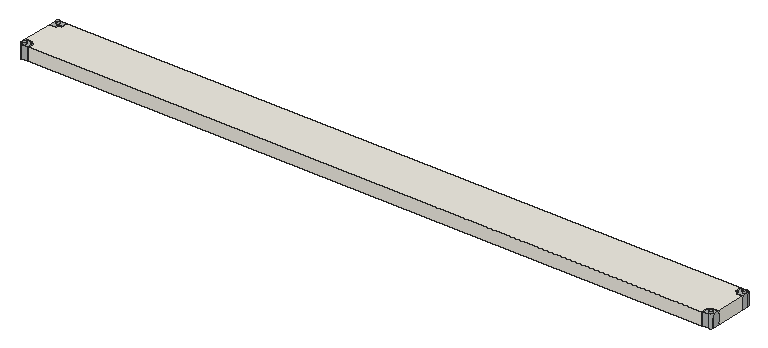
Revit family "HIGHTECH", category Осветительные приборы, Revit 2019 (continued)
Types (32, lengths in mm): name | Файл фотометрической сетки | built-in parameter 1150105 | Lumens | built-in parameter 1150106 | built-in parameter 1150142 | Wattage | Emit from Rectangle Width | Emit from Rectangle Length | Длина | Ширина | ADSK_Ток | ADSK_Полная мощность | ADSK_Обозначение | ADSK_Номинальная мощность | ADSK_Наименование | ADSK_Масса | ADSK_Код изделия
  Hightech-38/opal-sand 295х1195 (IP54, 4000К, белый) | "Светильник HIGHTECH-38 OPAL-SAND-(295x1195).ies" | 302.39 (stored number, unit not read) | 3800 lm | 3.0239 (stored number, unit not read) | "IESNA:LM-63-1995\r\n[TEST] Протокол №334/16 от 03.11.2016г. Испытательная лаборатория Государственного предприятия \"ЦСОТ НАН Беларуси\"\r\n[MORE] FFFFFFFD255B12BA015C13F525FB5F2F2\r\n[DATA] 02.11.2016\r\n[MANUFAC] ЗАО \"Центрстройсвет\"\r\n[LUMCAT] Светильник HIGHTECH-38/OPAL-SAND-(295X1195)\r\n[LUMINAIRE] офисное освещение\r\n[LAMP] \r\nTILT=NONE\r\n1    -1.0   1.000 91 181 1 2   0.295   1.195   0.04\r\n1.0  1.0   37.90\r\n0.0 2.0 4.0 6.0 8.0 10.0 12.0 14.0 16.0 18.0 20.0 22.0 24.0 26.0 28.0 30.0 32.0 34.0 36.0 38.0 40.0 42.0 44.0 46.0 48.0 50.0 52.0 54.0 56.0 58.0 60.0 62.0 64.0 66.0 68.0 70.0 72.0 74.0 76.0 78.0 80.0 82.0 84.0 86.0 88.0 90.0 92.0 94.0 96.0 98.0 100.0 102.0 104.0 106.0 108.0 110.0 112.0 114.0 116.0 118.0 120.0 122.0 124.0 126.0 128.0 130.0 132.0 134.0 136.0 138.0 140.0 142.0 144.0 146.0 148.0 150.0 152.0 154.0 156.0 158.0 160.0 162.0 164.0 166.0 168.0 170.0 172.0 174.0 176.0 178.0 180.0 \r\n0.0 2.0 4.0 6.0 8.0 10.0 12.0 14.0 16.0 18.0 20.0 22.0 24.0 26.0 28.0 30.0 32.0 34.0 36.0 38.0 40.0 42.0 44.0 46.0 48.0 50.0 52.0 54.0 56.0 58.0 60.0 62.0 64.0 66.0 68.0 70.0 72.0 74.0 76.0 78.0 80.0 82.0 84.0 86.0 88.0 90.0 92.0 94.0 96.0 98.0 100.0 102.0 104.0 106.0 108.0 110.0 112.0 114.0 116.0 118.0 120.0 122.0 124.0 126.0 128.0 130.0 132.0 134.0 136.0 138.0 140.0 142.0 144.0 146.0 148.0 150.0 152.0 154.0 156.0 158.0 160.0 162.0 164.0 166.0 168.0 170.0 172.0 174.0 176.0 178.0 180.0 182.0 184.0 186.0 188.0 190.0 192.0 194.0 196.0 198.0 200.0 202.0 204.0 206.0 208.0 210.0 212.0 214.0 216.0 218.0 220.0 222.0 224.0 226.0 228.0 230.0 232.0 234.0 236.0 238.0 240.0 242.0 244.0 246.0 248.0 250.0 252.0 254.0 256.0 258.0 260.0 262.0 264.0 266.0 268.0 270.0 272.0 274.0 276.0 278.0 280.0 282.0 284.0 286.0 288.0 290.0 292.0 294.0 296.0 298.0 300.0 302.0 304.0 306.0 308.0 310.0 312.0 314.0 316.0 318.0 320.0 322.0 324.0 326.0 328.0 330.0 332.0 334.0 336.0 338.0 340.0 342.0 344.0 346.0 348.0 350.0 352.0 354.0 356.0 358.0 360.0 \r\n1417.637 1416.354 1411.816 1405.303 1395.733 1384.288 1370.276 1353.307 1334.658 1313.741 1290.456 1264.901 1237.669 1208.563 1177.582 1144.923 1111.476 1076.252 \r\n1039.646 1001.857 963.476 923.417 883.260 842.018 801.072 758.644 716.317 673.693 630.576 587.064 543.749 500.435 457.614 414.891 371.972 330.137 289.191 248.836 209.765 171.778 \r\n133.693 99.653 67.389 36.901 9.077 0.592 0.592 0.592 0.493 0.493 0.493 0.493 0.493 0.493 0.493 0.493 0.395 0.395 0.395 0.395 0.395 0.395 0.395 0.296 0.296 0.296 0.296 0.296 0.296 0.296 0.296 0.197 \r\n0.197 0.197 0.197 0.197 0.197 0.197 0.197 0.098 0.098 0.098 0.098 0.098 0.098 0.098 0.098 0.000 0.000 0.000 0.000 \r\n1417.637 1416.453 1411.914 1405.402 1395.930 1384.583 1370.671 1353.701 1335.053 1314.234 1290.850 1265.395 1238.261 1209.155 1178.075 1145.515 1112.067 1076.844 \r\n1040.239 1002.548 964.167 924.207 883.951 842.708 801.762 759.336 717.008 674.383 631.267 587.755 544.441 501.126 458.206 415.385 372.465 330.631 289.585 249.231 210.160 172.172 \r\n134.088 99.949 67.685 37.198 9.275 0.592 0.592 0.592 0.493 0.493 0.493 0.493 0.493 0.493 0.493 0.493 0.395 0.395 0.395 0.395 0.395 0.395 0.395 0.296 0.296 0.296 0.296 0.296 0.296 0.296 0.296 0.197 \r\n0.197 0.197 0.197 0.197 0.197 0.197 0.197 0.098 0.098 0.098 0.098 0.098 0.098 0.098 0.098 0.000 0.000 0.000 0.000 \r\n1417.637 1416.453 1412.013 1405.600 1396.226 1384.781 1370.968 1354.095 1335.448 1314.629 1291.344 1265.888 1238.754 1209.648 1178.667 1146.206 1112.758 1077.534 \r\n1040.929 1003.140 964.857 924.898 884.740 843.400 802.453 760.026 717.698 674.976 631.859 588.446 545.032 501.718 458.798 415.977 373.057 331.124 290.079 249.625 210.553 172.567 \r\n134.383 100.245 67.883 37.394 9.472 0.592 0.592 0.592 0.493 0.493 0.493 0.493 0.493 0.493 0.493 0.493 0.395 0.395 0.395 0.395 0.395 0.395 0.395 0.296 0.296 0.296 0.296 0.296 0.296 0.296 0.296 0.197 \r\n0.197 0.197 0.197 0.197 0.197 0.197 0.197 0.098 0.098 0.098 0.098 0.098 0.098 0.098 0.098 0.000 0.000 0.000 0.000 \r\n1417.637 1416.551 1412.111 1405.796 1396.423 1385.077 1371.264 1354.391 1335.842 1315.024 1291.837 1266.382 1239.248 1210.240 1179.259 1146.798 1113.350 1078.126 \r\n1041.620 1003.831 965.548 925.588 885.431 844.090 803.143 760.717 718.389 675.666 632.549 589.038 545.723 502.310 459.390 416.569 373.550 331.617 290.474 250.119 210.948 172.863 \r\n134.679 100.541 68.178 37.591 9.669 0.592 0.592 0.592 0.493 0.493 0.493 0.493 0.493 0.493 0.493 0.493 0.395 0.395 0.395 0.395 0.395 0.395 0.395 0.296 0.296 0.296 0.296 0.296 0.296 0.296 0.296 0.197 \r\n0.197 0.197 0.197 0.197 0.197 0.197 0.197 0.098 0.098 0.098 0.098 0.098 0.098 0.098 0.098 0.000 0.000 0.000 0.000 \r\n1417.637 1416.551 1412.309 1405.895 1396.621 1385.373 1371.559 1354.786 1336.237 1315.419 1292.232 1266.875 1239.742 1210.733 1179.851 1147.390 1113.942 1078.816 \r\n1042.310 1004.521 966.238 926.279 886.121 844.879 803.834 761.408 719.080 676.357 633.240 589.728 546.315 502.902 459.982 417.062 374.043 332.110 290.967 250.513 211.343 173.258 \r\n135.074 100.837 68.376 37.888 9.965 0.592 0.592 0.592 0.493 0.493 0.493 0.493 0.493 0.493 0.493 0.493 0.395 0.395 0.395 0.395 0.395 0.395 0.395 0.296 0.296 0.296 0.296 0.296 0.296 0.296 0.296 0.197 \r\n0.197 0.197 0.197 0.197 0.197 0.197 0.197 0.098 0.098 0.098 0.098 0.098 0.098 0.098 0.098 0.000 0.000 0.000 0.000 \r\n1417.637 1416.650 1412.407 1406.093 1396.917 1385.669 1371.954 1355.181 1336.632 1315.912 1292.725 1267.368 1240.334 1211.325 1180.443 1147.982 1114.633 1079.409 \r\n1042.903 1005.212 966.929 926.969 886.812 845.569 804.524 762.098 719.770 677.048 633.832 590.320 546.907 503.494 460.574 417.654 374.636 332.603 291.460 250.908 211.738 173.653 \r\n135.371 101.133 68.671 38.086 10.163 0.592 0.592 0.592 0.493 0.493 0.493 0.493 0.493 0.493 0.493 0.493 0.395 0.395 0.395 0.395 0.395 0.395 0.395 0.296 0.296 0.296 0.296 0.296 0.296 0.296 0.296 0.197 \r\n0.197 0.197 0.197 0.197 0.197 0.197 0.197 0.098 0.098 0.098 0.098 0.098 0.098 0.098 0.098 0.000 0.000 0.000 0.000 \r\n1417.637 1416.650 1412.506 1406.191 1397.114 1385.866 1372.250 1355.576 1337.027 1316.307 1293.218 1267.861 1240.827 1211.918 1181.035 1148.672 1115.225 1080.099 \r\n1043.593 1005.902 967.620 927.660 887.503 846.260 805.215 762.789 720.461 677.739 634.523 591.011 547.598 504.086 461.166 418.247 375.129 333.098 291.855 251.401 212.132 173.948 \r\n135.666 101.429 68.968 38.381 10.360 0.592 0.592 0.592 0.493 0.493 0.493 0.493 0.493 0.493 0.493 0.493 0.395 0.395 0.395 0.395 0.395 0.395 0.395 0.296 0.296 0.296 0.296 0.296 0.296 0.296 0.296 0.197 \r\n0.197 0.197 0.197 0.197 0.197 0.197 0.197 0.098 0.098 0.098 0.098 0.098 0.098 0.098 0.098 0.000 0.000 0.000 0.000 \r\n1417.637 1416.650 1412.604 1406.389 1397.311 1386.162 1372.546 1355.871 1337.421 1316.701 1293.613 1268.355 1241.320 1212.411 1181.627 1149.265 1115.816 1080.691 \r\n1044.284 1006.593 968.212 928.351 888.194 846.951 805.906 763.479 721.151 678.429 635.213 591.702 548.190 504.777 461.758 418.740 375.721 333.591 292.348 251.796 212.527 174.343 \r\n135.962 101.627 69.165 38.579 10.557 0.592 0.592 0.592 0.493 0.493 0.493 0.493 0.493 0.493 0.493 0.395 0.395 0.395 0.395 0.395 0.395 0.395 0.395 0.296 0.296 0.296 0.296 0.296 0.296 0.296 0.296 0.197 \r\n0.197 0.197 0.197 0.197 0.197 0.197 0.197 0.098 0.098 0.098 0.098 0.098 0.098 0.098 0.098 0.000 0.000 0.000 0.000 \r\n1417.637 1416.749 1412.704 1406.586 1397.607 1386.458 1372.941 1356.266 1337.815 1317.095 1294.106 1268.848 1241.813 1213.003 1182.219 1149.856 1116.409 1081.382 \r\n1044.876 1007.283 968.902 929.042 888.885 847.642 806.597 764.170 721.843 679.120 635.806 592.293 548.881 505.368 462.351 419.332 376.214 334.084 292.841 252.191 212.922 174.738 \r\n136.357 101.922 69.461 38.776 10.853 0.592 0.592 0.592 0.493 0.493 0.493 0.493 0.493 0.493 0.493 0.395 0.395 0.395 0.395 0.395 0.395 0.395 0.395 0.296 0.296 0.296 0.296 0.296 0.296 0.296 0.296 0.197 \r\n0.197 0.197 0.197 0.197 0.197 0.197 0.197 0.098 0.098 0.098 0.098 0.098 0.098 0.098 0.098 0.000 0.000 0.000 0.000 \r\n1417.637 1416.749 1412.802 1406.684 1397.805 1386.754 1373.237 1356.661 1338.210 1317.589 1294.599 1269.341 1242.406 1213.496 1182.811 1150.448 1117.099 1081.974 \r\n1045.566 1007.974 969.593 929.732 889.575 848.333 807.287 764.861 722.533 679.712 636.496 592.985 549.472 505.960 462.942 419.825 376.707 334.577 293.236 252.684 213.317 175.034 \r\n136.652 102.218 69.659 39.072 11.051 0.592 0.592 0.592 0.493 0.493 0.493 0.493 0.493 0.493 0.493 0.395 0.395 0.395 0.395 0.395 0.395 0.395 0.395 0.296 0.296 0.296 0.296 0.296 0.296 0.296 0.296 0.197 \r\n0.197 0.197 0.197 0.197 0.197 0.197 0.197 0.098 0.098 0.098 0.098 0.098 0.098 0.098 0.098 0.000 0.000 0.000 0.000 \r\n1417.637 1416.848 1412.901 1406.882 1398.002 1387.051 1373.533 1356.957 1338.605 1317.983 1294.994 1269.834 1242.899 1214.089 1183.403 1151.041 1117.692 1082.665 \r\n1046.257 1008.566 970.284 930.423 890.266 849.121 807.978 765.552 723.224 680.403 637.187 593.675 550.163 506.553 463.534 420.416 377.300 335.071 293.729 253.079 213.712 175.429 \r\n136.949 102.515 69.954 39.269 11.248 0.592 0.592 0.592 0.493 0.493 0.493 0.493 0.493 0.493 0.493 0.395 0.395 0.395 0.395 0.395 0.395 0.395 0.395 0.296 0.296 0.296 0.296 0.296 0.296 0.296 0.296 0.197 \r\n0.197 0.197 0.197 0.197 0.197 0.197 0.197 0.098 0.098 0.098 0.098 0.098 0.098 0.098 0.098 0.000 0.000 0.000 0.000 \r\n1417.637 1416.848 1412.999 1407.079 1398.298 1387.247 1373.829 1357.352 1339.000 1318.378 1295.488 1270.327 1243.392 1214.680 1183.995 1151.731 1118.283 1083.257 \r\n1046.849 1009.257 970.975 931.113 891.055 849.813 808.668 766.242 723.914 681.093 637.779 594.266 550.755 507.145 464.126 421.009 377.793 335.564 294.222 253.474 214.105 175.823 \r\n137.343 102.810 70.250 39.467 11.445 0.592 0.592 0.592 0.493 0.493 0.493 0.493 0.493 0.493 0.493 0.395 0.395 0.395 0.395 0.395 0.395 0.395 0.395 0.296 0.296 0.296 0.296 0.296 0.296 0.296 0.296 0.197 \r\n0.197 0.197 0.197 0.197 0.197 0.197 0.197 0.098 0.098 0.098 0.098 0.098 0.098 0.098 0.098 0.000 0.000 0.000 0.000 \r\n1417.637 1416.946 1413.098 1407.178 1398.495 1387.544 1374.223 1357.747 1339.395 1318.773 1295.882 1270.822 1243.886 1215.174 1184.587 1152.323 1118.974 1083.848 \r\n1047.540 1009.947 971.665 931.903 891.746 850.503 809.359 766.933 724.507 681.784 638.470 594.958 551.445 507.836 464.718 421.502 378.287 336.057 294.617 253.967 214.500 176.119 \r\n137.640 103.106 70.447 39.762 11.741 0.592 0.592 0.592 0.493 0.493 0.493 0.493 0.493 0.493 0.493 0.395 0.395 0.395 0.395 0.395 0.395 0.395 0.395 0.296 0.296 0.296 0.296 0.296 0.296 0.296 0.296 0.197 \r\n0.197 0.197 0.197 0.197 0.197 0.197 0.197 0.098 0.098 0.098 0.098 0.098 0.098 0.098 0.098 0.000 0.000 0.000 0.000 \r\n1417.637 1416.946 1413.197 1407.376 1398.693 1387.839 1374.520 1358.042 1339.789 1319.168 1296.376 1271.315 1244.477 1215.765 1185.179 1152.915 1119.566 1084.539 \r\n1048.230 1010.638 972.356 932.594 892.436 851.194 810.050 767.623 725.197 682.474 639.160 595.649 552.038 508.427 465.310 422.094 378.878 336.550 295.111 254.362 214.895 176.514 \r\n137.935 103.403 70.744 39.960 11.939 0.592 0.592 0.592 0.493 0.493 0.493 0.493 0.493 0.493 0.493 0.395 0.395 0.395 0.395 0.395 0.395 0.395 0.395 0.296 0.296 0.296 0.296 0.296 0.296 0.296 0.296 0.197 \r\n0.197 0.197 0.197 0.197 0.197 0.197 0.197 0.098 0.098 0.098 0.098 0.098 0.098 0.098 0.098 0.000 0.000 0.000 0.000 \r\n1417.637 1417.044 1413.295 1407.474 1398.890 1388.135 1374.815 1358.437 1340.184 1319.661 1296.869 1271.808 1244.971 1216.258 1185.673 1153.507 1120.158 1085.131 \r\n1048.823 1011.329 973.046 933.284 893.127 851.884 810.741 768.314 725.888 683.165 639.752 596.240 552.728 509.019 465.902 422.686 379.371 337.044 295.505 254.757 215.388 176.909 \r\n138.232 103.698 70.942 40.157 12.136 0.592 0.592 0.592 0.493 0.493 0.493 0.493 0.493 0.493 0.493 0.395 0.395 0.395 0.395 0.395 0.395 0.395 0.395 0.296 0.296 0.296 0.296 0.296 0.296 0.296 0.296 0.197 \r\n0.197 0.197 0.197 0.197 0.197 0.197 0.197 0.098 0.098 0.098 0.098 0.098 0.098 0.098 0.098 0.000 0.000 0.000 0.000 \r\n1417.637 1417.044 1413.394 1407.671 1399.187 1388.333 1375.111 1358.832 1340.578 1320.056 1297.264 1272.301 1245.464 1216.851 1186.264 1154.099 1120.849 1085.822 \r\n1049.513 1012.020 973.737 933.975 893.818 852.575 811.432 769.004 726.578 683.855 640.443 596.930 553.321 509.611 466.494 423.180 379.964 337.537 295.999 255.250 215.783 177.304 \r\n138.626 103.994 71.237 40.453 12.333 0.592 0.592 0.592 0.493 0.493 0.493 0.493 0.493 0.493 0.493 0.395 0.395 0.395 0.395 0.395 0.395 0.395 0.395 0.296 0.296 0.296 0.296 0.296 0.296 0.296 0.296 0.197 \r\n0.197 0.197 0.197 0.197 0.197 0.197 0.197 0.098 0.098 0.098 0.098 0.098 0.098 0.098 0.098 0.000 0.000 0.000 0.000 \r\n1417.637 1417.143 1413.492 1407.869 1399.383 1388.629 1375.506 1359.226 1340.973 1320.451 1297.757 1272.795 1246.056 1217.443 1186.856 1154.790 1121.441 1086.414 \r\n1050.204 1012.711 974.428 934.665 894.508 853.365 812.122 769.695 727.269 684.448 641.134 597.523 554.011 510.203 467.086 423.772 380.457 338.031 296.492 255.645 216.178 177.599 \r\n138.922 104.291 71.533 40.650 12.629 0.592 0.592 0.592 0.493 0.493 0.493 0.493 0.493 0.493 0.493 0.395 0.395 0.395 0.395 0.395 0.395 0.395 0.395 0.296 0.296 0.296 0.296 0.296 0.296 0.296 0.296 0.197 \r\n0.197 0.197 0.197 0.197 0.197 0.197 0.197 0.098 0.098 0.098 0.098 0.098 0.098 0.098 0.098 0.000 0.000 0.000 0.000 \r\n1417.637 1417.143 1413.592 1407.967 1399.580 1388.925 1375.803 1359.523 1341.367 1320.845 1298.250 1273.288 1246.550 1217.936 1187.448 1155.382 1122.032 1087.105 \r\n1050.894 1013.401 975.119 935.356 895.199 854.055 812.813 770.386 727.959 685.138 641.725 598.213 554.603 510.795 467.678 424.265 380.951 338.524 296.887 256.038 216.573 177.994 \r\n139.218 104.586 71.730 40.848 12.826 0.592 0.592 0.493 0.493 0.493 0.493 0.493 0.493 0.493 0.493 0.395 0.395 0.395 0.395 0.395 0.395 0.395 0.395 0.296 0.296 0.296 0.296 0.296 0.296 0.296 0.296 0.197 \r\n0.197 0.197 0.197 0.197 0.197 0.197 0.197 0.098 0.098 0.098 0.098 0.098 0.098 0.098 0.098 0.000 0.000 0.000 0.000 \r\n1417.637 1417.242 1413.690 1408.165 1399.877 1389.220 1376.098 1359.917 1341.762 1321.339 1298.645 1273.781 1247.043 1218.528 1188.041 1155.974 1122.723 1087.697 \r\n1051.487 1013.993 975.810 936.046 895.889 854.746 813.503 771.077 728.650 685.829 642.416 598.904 555.294 511.486 468.270 424.857 381.542 339.018 297.380 256.533 216.967 178.389 \r\n139.613 104.882 72.026 41.143 13.024 0.592 0.592 0.493 0.493 0.493 0.493 0.493 0.493 0.493 0.493 0.395 0.395 0.395 0.395 0.395 0.395 0.395 0.395 0.296 0.296 0.296 0.296 0.296 0.296 0.296 0.296 0.197 \r\n0.197 0.197 0.197 0.197 0.197 0.197 0.197 0.098 0.098 0.098 0.098 0.098 0.098 0.098 0.098 0.000 0.000 0.000 0.000 \r\n1417.637 1417.242 1413.789 1408.362 1400.075 1389.517 1376.394 1360.311 1342.157 1321.733 1299.138 1274.274 1247.536 1219.022 1188.632 1156.566 1123.315 1088.388 \r\n1052.177 1014.684 976.500 936.738 896.581 855.436 814.194 771.768 729.341 686.519 643.107 599.496 555.885 512.078 468.862 425.449 382.035 339.511 297.873 256.926 217.362 178.685 \r\n139.909 105.079 72.223 41.341 13.221 0.592 0.592 0.493 0.493 0.493 0.493 0.493 0.493 0.493 0.493 0.395 0.395 0.395 0.395 0.395 0.395 0.395 0.395 0.296 0.296 0.296 0.296 0.296 0.296 0.296 0.296 0.197 \r\n0.197 0.197 0.197 0.197 0.197 0.197 0.197 0.098 0.098 0.098 0.098 0.098 0.098 0.098 0.098 0.000 0.000 0.000 0.000 \r\n1417.637 1417.341 1413.986 1408.461 1400.271 1389.715 1376.789 1360.608 1342.552 1322.128 1299.632 1274.768 1248.128 1219.614 1189.224 1157.256 1123.907 1088.980 \r\n1052.868 1015.374 977.191 937.428 897.369 856.127 814.884 772.458 730.032 687.211 643.698 600.187 556.577 512.670 469.454 425.942 382.529 340.004 298.268 257.321 217.756 179.080 \r\n140.204 105.376 72.520 41.538 13.517 0.592 0.592 0.493 0.493 0.493 0.493 0.493 0.493 0.493 0.493 0.395 0.395 0.395 0
